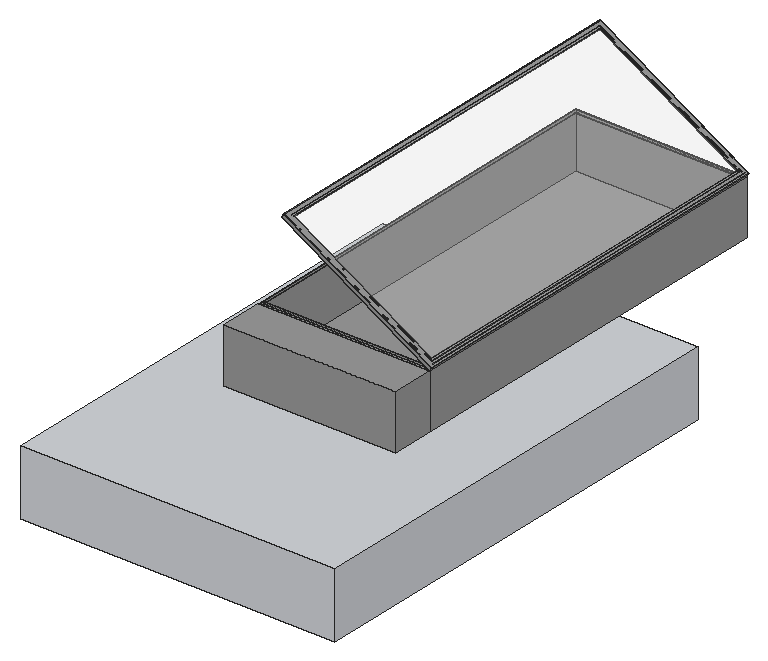
Revit family "Hager-Univers-IP55-D275-H2050-Cl.I-Steel_encl-NL-en", category Equipement électrique, Revit 2020
Family settings
  Hôte = Face
  Configuration du panneau = Deux colonnes, circuits au sein
  Cote de connecteur circulaire = Utiliser le diamètre
  Type d'élément = Tableau de raccordement
  Couper avec des vides une fois chargée = Non
  Partagée = Non
  Point de calcul de pièce = Non
Parameters (values of type "Floor installation IP55 W800 H2050 D275  - FR23K2")
  Width Control [instance] = if([EF000008 - Width] > Min Width, [EF000008 - Width], Min Width)  # 800 mm
  Commentaires du type = [HG000003 - Range]  # "Univers"
  Thickness Door [instance] = if([EF009171 - Material plate thickness door/cover] > 3 mm, 3 mm, [EF009171 - Material plate thickness door/cover])  # 1.5 mm
  Seal Frame Offset [instance] = 17 mm  # constant formula
  Plinth Visibility [instance] = [HG000027 - Plinth height] > 0 mm  # yes
  Model = ""
  Min Width [instance] = 100 mm  # constant formula
  Min Height [instance] = 100 mm  # constant formula
  Min Depth [instance] = (2 * [EF009170 - Material plate thickness cabinet]) + 1 mm  # 4 mm
  Internal Frame Depth [instance] = (Door System Depth * 0.5)  # 9 mm
  Height Control [instance] = if([EF000040 - Height] > Min Height, [EF000040 - Height], Min Height)  # 2050 mm
  HG000027 - Plinth height = 200 mm
  HG000026 - Floor standing = yes
  HG000024 - Bottom section height = 800 mm
  HG000023 - Double section enclosure = no
  HG000016 - Door 3d visibility [instance] = yes
  HG000015 - Clearance visibility [instance] = no
  HG000014 - Door on the right [instance] = yes
  HG000013 - Door on the left [instance] = not([HG000014 - Door on the right])  # no
  HG000012 - Door swing angle [instance] = 30.00°
  HG000010 - Asymmetric doors = no
  HG000009 - Double swing door = no
  HG000006 - Flush mounted = no
  HG000004 - Manufacturer reference = "FR23K2"
  HG000003 - Range = "Univers"
  HG000002 - With door or cover = yes
  Frame Offset Bottom [instance] = 10 mm  # constant formula
  Frame Offset [instance] = 15 mm  # constant formula
  EF015940 - Cover with overpressure release = no
  EF011959 - Degree of protection (NEMA) = ""
  EF009554 - Number of openings for flange plates = 6
  EF009212 - Cover model = "EV000116 - Closed"
  EF009171 - Material plate thickness door/cover = 1.5 mm
  EF009170 - Material plate thickness cabinet = 1.5 mm
  Fabricant = "Hager"  # constant formula
  EF008873 - Nominal current (In) = 800 A
  EF007800 - Suitable for lightning protection = no
  EF006306 - With lock = no
  EF006244 - Transparent cover/door = yes
  EF005474 - Degree of protection (IP) = "EV006420 - IP55"
  EF004464 - Type of door = "EV002646 - Single"
  EF004427 - Number of modules = 432
  EF004293 - Impact strength = "EV008784 - IK10"
  EF003532 - Suitable for outdoor use = no
  EF002950 - Width in number of modular spacings = 24
  EF001613 - Circuit integrity = "EV000494 - None"
  EF001596 - Material housing = "EV000179 - Steel"
  EF001131 - Internal depth = 275 mm
  EF001088 - Extension possible = yes
  EF000437 - Number of conduit inlets = 6
  EF000339 - Type of cover = "EV004216 - Door"
  EF000266 - Number of rows = 12
  EF000218 - Built-in depth = 0 mm
  EF000118 - With mounting plate = no
  EF000116 - RAL-number = "7035"
  EF000049 - Depth = 275 mm
  EF000040 - Height = 2050 mm
  EF000008 - Width = 800 mm
  EF000007 - Colour = "EV000270 - Grey"
  EF000003 - Mounting method = "EV012274 - Floor installation"
  Door System Leaf Tolerance [instance] = 1.5 mm  # constant formula
  Door System Depth [instance] = 18 mm  # constant formula
  Door Height [instance] = Height Control - [HG000027 - Plinth height]  # 1850 mm
  Depth Control [instance] = if([EF000049 - Depth] > Min Depth, [EF000049 - Depth], Min Depth)  # 275 mm
  Default Elevation = 0 mm
  Connector Offset [instance] = Height Control / 2  # 1025 mm
  Bottom Top Plate Trim [instance] = 1.5 mm  # constant formula
  Plinth height Ctrl [instance] = if([HG000027 - Plinth height] > 0 mm, [HG000027 - Plinth height], 12 mm)  # 200 mm
Types (11, lengths in mm): name | Width Control | HG000010 - Asymmetric doors | HG000009 - Double swing door | HG000004 - Manufacturer reference | EF009554 - Number of openings for flange plates | EF006244 - Transparent cover/door | EF004464 - Type of door | EF004427 - Number of modules | EF000437 - Number of conduit inlets | EF000008 - Width
  Floor installation IP55 W1050 H2050 D275  - FR24E2 | 1050 | yes | yes | "FR24E2" | 8 | no | "EV003602 - Double" | 576 | 8 | 1050
  Floor installation IP55 W1050 H2050 D275  - FR24K2 | 1050 | yes | yes | "FR24K2" | 8 | yes | "EV003602 - Double" | 576 | 8 | 1050
  Floor installation IP55 W1300 H2050 D275  - FR25E2 | 1300 | yes | yes | "FR25E2" | 10 | no | "EV003602 - Double" | 720 | 10 | 1300
  Floor installation IP55 W1300 H2050 D275  - FR25K2 | 1300 | yes | yes | "FR25K2" | 10 | yes | "EV003602 - Double" | 720 | 10 | 1300
  Floor installation IP55 W1550 H2050 D275  - FR26E2 | 1550 | yes | yes | "FR26E2" | 12 | no | "EV003602 - Double" | 864 | 12 | 1550
  Floor installation IP55 W1550 H2050 D275  - FR26K2 | 1550 | yes | yes | "FR26K2" | 12 | yes | "EV003602 - Double" | 864 | 12 | 1550
  Floor installation IP55 W300 H2050 D275  - FR21E2 | 300 | no | no | "FR21E2" | 2 | no | "EV002646 - Single" | 144 | 2 | 300
  Floor installation IP55 W550 H2050 D275  - FR22E2 | 550 | no | no | "FR22E2" | 4 | no | "EV002646 - Single" | 288 | 4 | 550
  Floor installation IP55 W550 H2050 D275  - FR22K2 | 550 | no | no | "FR22K2" | 4 | yes | "EV002646 - Single" | 288 | 4 | 550
  Floor installation IP55 W800 H2050 D275  - FR23E2 | 800 | no | no | "FR23E2" | 6 | no | "EV002646 - Single" | 432 | 6 | 800
  Floor installation IP55 W800 H2050 D275  - FR23K2 | 800 | no | no | "FR23K2" | 6 | yes | "EV002646 - Single" | 432 | 6 | 800
Reference planes
  plane 1 "Center (Front/Back)": y = 0
  plane 2: z = 0
  plane 3 "Center (Left/Right)": x = 0
  plane 4: z = 275
  plane 5: y = 201.5
  plane 6: y = 1125
  plane 7: y = 200
  plane 8: y = 2050
  plane 9: z = 0
  plane 10: x = -385
  plane 11: x = 385
  plane 12: x = 383.5
  plane 13: x = -383.5
  plane 14: y = 2048.5
  plane 15: x = -383
  plane 16: x = -400
  plane 17: x = 383
  plane 18: x = 400
  plane 19: x = 398.5
  plane 20: x = -398.5
  plane 21: y = 211.5
  plane 22: y = 2050
  plane 23: y = 2033.5
  plane 24: z = 257
  plane 25: z = 1.5
  plane 26: z = 255.5
  plane 27: z = 273.5
Forms (mm)
  Extrusion 1, solid
    sketch origin (0, 0, 0) x (1, 0, 0) y (0, 1, 0)
      loop
        line (-702.964, 1305) -> (-702.964, -811.445) -> (766.763, -811.445) -> (766.763, 1305) -> (-702.964, 1305)
    from 0 to -304.8
  Extrusion 2, solid, material "Hager_Steel_RAL7035_Light_Grey", visible <- "Plinth Visibility", detail levels medium+fine
    sketch origin (0, 0, 0) x (1, 0, 0) y (0, 1, 0)
      loop
        line (-400, 0) -> (400, 0) -> (400, 200) -> (-400, 200) -> (-400, 0)
    from 0 to 257
  Extrusion 3, solid, material "Hager_Steel_RAL7035_Light_Grey", detail levels medium+fine
    sketch origin (0, 0, 0) x (1, 0, 0) y (0, 1, 0)
      loop
        line (-400, 200) -> (400, 200) -> (400, 2050) -> (-400, 2050) -> (-400, 200)
    from 0 to 257
  Extrusion 4, void
    sketch origin (0, 0, 0) x (1, 0, 0) y (0, 1, 0)
      loop
        line (-398.5, 201.5) -> (398.5, 201.5) -> (398.5, 2048.5) -> (-398.5, 2048.5) -> (-398.5, 201.5)
    from 1.5 to 255.5
  Extrusion 5, void
    sketch origin (-381.607, -4572, 257) x (0, -1, 0) y (-1, 0, 0)
      loop
        line (-4783.5, 1.893) -> (-6605.5, 1.893) -> (-6605.5, -765.107) -> (-4783.5, -765.107) -> (-4783.5, 1.893)
    from 0 to 1.5 <- "EF009170 - Material plate thickness cabinet"
  Extrusion 6, solid, material "Hager_Steel_RAL7035_Light_Grey", detail levels fine
    sketch origin (0, 0, 257) x (1, 0, 0) y (0, 1, 0)
      loop
        line (-383.5, 2033.5) -> (-383.5, 211.5) -> (383.5, 211.5) -> (383.5, 2033.5) -> (-383.5, 2033.5)
      loop
        line (-385, 210) -> (385, 210) -> (385, 2035) -> (-385, 2035) -> (-385, 210)
    from 0 to 9 <- "Internal Frame Depth"
  Extrusion 7, solid, material "Hager_Steel_RAL7035_Light_Grey", detail levels coarse
    sketch origin (0, 0, 0) x (1, 0, 0) y (0, 1, 0)
      loop
        line (-400, 0) -> (400, 0) -> (400, 2050) -> (-400, 2050) -> (-400, 0)
    from 0 to 275
  Sweep 8, void
    path in 3D
      loop
        line (-400, 200, 0) -> (400, 200, 0) -> (400, 200, 257) -> (-400, 200, 257) -> (-400, 200, 0)
    profile origin (-400, 200, 128.5) x (-1, 0, 0) y (0, -1, 0)
      loop
        line (0, 0) -> (0, 1.5) -> (-1.5, 1.5)
        arc (-1.5, 1.5) -> (-1.061, 0.439) -> (0, 0) r 1.5
Cuts and joins
  Extrusion 4, Extrusion 5 cuts Extrusion 3
  Sweep 8 cuts Extrusion 2
Lines and regions (mm)
  Masking region 1
    outline origin (0, 0, 0) x (1, 0, 0) y (0, 0, 1)
      loop
        line (-400, 275) -> (-400, 0) -> (400, 0) -> (400, 275) -> (-400, 275)
  Masking region 2, detail levels medium+fine
    outline origin (0, 140, 0) x (0, 1, 0) y (0, 0, 1)
      loop
        line (60, 0) -> (1910, 0) -> (1910, 257) -> (60, 257) -> (60, 0)
  Masking region 3, not visible, detail levels medium+fine
    outline origin (0, 297.922, 0) x (0, 1, 0) y (0, 0, 1)
      loop
        line (838.578, 0) -> (878.578, 0) -> (878.578, 263.5)
        arc (878.578, 263.5) -> (875.649, 270.571) -> (868.578, 273.5) r 10
        line (868.578, 273.5) -> (838.578, 273.5) -> (838.578, 0)
  Masking region 4, detail levels coarse
    outline origin (0, 0, 180) x (0, 1, 0) y (0, 0, 1)
      loop
        line (0, -180) -> (2050, -180) -> (2050, 95) -> (0, 95) -> (0, -180)
  Masking region 5, visible <- "Plinth Visibility", detail levels medium+fine
    outline origin (0, 52.24, 12.345) x (0, 0, -1) y (0, 1, 0)
      loop
        line (10.845, 147.76) -> (-243.155, 147.76)
        arc (-243.155, 147.76) -> (-243.594, 146.699) -> (-244.655, 146.26) r 1.5
        line (-244.655, 146.26) -> (-244.655, -52.24) -> (12.345, -52.24) -> (12.345, 146.26)
        arc (12.345, 146.26) -> (11.285, 146.699) -> (10.845, 147.76) r 1.5
  Masking region 6, detail levels medium+fine
    outline origin (-381.607, -4572, 257) x (-1, 0, 0) y (0, -1, 0)
      loop
        line (18.393, -6622) -> (18.393, -4772) -> (-781.607, -4772) -> (-781.607, -6622) -> (18.393, -6622)
  Masking region 7, visible <- "Plinth Visibility", detail levels medium+fine
    outline origin (-381.607, -4727, 257) x (-1, 0, 0) y (0, -1, 0)
      loop
        arc (16.893, -4927) -> (17.332, -4925.939) -> (18.393, -4925.5) r 1.5
        line (18.393, -4925.5) -> (18.393, -4727) -> (-781.607, -4727) -> (-781.607, -4925.5)
        arc (-781.607, -4925.5) -> (-780.546, -4925.939) -> (-780.107, -4927) r 1.5
        line (-780.107, -4927) -> (16.893, -4927)
  Masking region 8, detail levels coarse
    outline origin (-442.548, -4669.526, 257) x (-1, 0, 0) y (0, -1, 0)
      loop
        line (-42.548, -6719.526) -> (-42.548, -4669.526) -> (-842.548, -4669.526) -> (-842.548, -6719.526) -> (-42.548, -6719.526)
  sketch lines
    curve 1: line (-400, 200, 257) -> (-400, 200, 0)
    curve 2: line (400, 200, 257) -> (-400, 200, 257)
    curve 3: line (400, 200, 257) -> (400, 200, 0)
    curve 4: line (-400, 200, 0) -> (400, 200, 0)
Dimensions and locks
  "Depth Control": plane 4 to Extrusion 1
  "HG000027 - Plinth height": plane 1 "Center (Front/Back)" to plane 7
  "EF009170 - Material plate thickness cabinet": plane 5 to plane 7
  locked: connector elem to plane 3 "Center (Left/Right)"
  equal spacing: plane 8, plane 6, plane 7
  locked: connector elem to plane 6
  "EF009170 - Material plate thickness cabinet": plane 8 to plane 14
  "EF009170 - Material plate thickness cabinet": plane 10 to plane 13
  "EF009170 - Material plate thickness cabinet": plane 12 to plane 11
  "Frame Offset": plane 20 to plane 13
  "Frame Offset": plane 12 to plane 19
  "EF009170 - Material plate thickness cabinet": plane 16 to plane 20
  "EF009170 - Material plate thickness cabinet": plane 19 to plane 18
  "Seal Frame Offset": plane 16 to plane 15
  "Seal Frame Offset": plane 17 to plane 18
  "Frame Offset Bottom": plane 21 to plane 5
  "Frame Offset": plane 14 to plane 23
  equal spacing: plane 16, plane 3 "Center (Left/Right)", plane 18
  "Width Control": plane 16 to plane 18
  "EF009170 - Material plate thickness cabinet": plane 4 to plane 27
  "EF009170 - Material plate thickness cabinet": plane 24 to plane 26
  "EF009170 - Material plate thickness cabinet": plane 25 to level
  "Door System Depth": plane 4 to plane 24
  "Height Control": plane 1 "Center (Front/Back)" to Extrusion 7 sketch curve
  "Height Control": Masking region 4 sketch curve to plane 1 "Center (Front/Back)"
  "Height Control": plane 1 "Center (Front/Back)" to plane 22
  "Bottom Top Plate Trim": profile plane to Sweep 8 sketch curve
  "Bottom Top Plate Trim": Sweep 8 sketch curve to profile plane
  "Plinth height Ctrl": plane 1 "Center (Front/Back)" to Extrusion 2 sketch curve
  "Plinth height Ctrl": Masking region 5 sketch curve to plane 1 "Center (Front/Back)"
  "Plinth height Ctrl": plane 1 "Center (Front/Back)" to Masking region 7 sketch curve
  "Thickness Door": Extrusion 6 sketch curve to Extrusion 6 sketch curve  (x3)
  "Thickness Door": cut or joined group of Extrusion 3, Extrusion 4, Extrusion 5 to Extrusion 6 sketch curve
  radius of Masking region 3 sketch curve = 10 mm
  "Bottom Top Plate Trim": radius of Masking region 5 sketch curve  (x2)
  "Bottom Top Plate Trim": radius of Sweep 8 sketch curve
  "Bottom Top Plate Trim": radius of Masking region 7 sketch curve  (x2)
  aligned and locked: plane 2 to Extrusion 1
  aligned and locked: level to Extrusion 1
  aligned and locked: level to Masking region 1 sketch curve
  aligned and locked: Masking region 1 sketch curve to plane 18
  aligned and locked: Masking region 1 sketch curve to plane 16
  aligned and locked: plane 7 to Masking region 2 sketch curve
  aligned and locked: level to Masking region 3 sketch curve
  aligned and locked: Masking region 3 sketch curve to plane 27
  aligned and locked: level to Masking region 2 sketch curve
  aligned and locked: plane 1 "Center (Front/Back)" to Extrusion 2 sketch curve
  aligned and locked: Extrusion 3 sketch curve to plane 7
  aligned and locked: plane 16 to Extrusion 3 sketch curve
  aligned and locked: plane 18 to Extrusion 3 sketch curve
  aligned and locked: plane 20 to Extrusion 4 sketch curve
  aligned and locked: plane 19 to Extrusion 4 sketch curve
  aligned and locked: Extrusion 4 sketch curve to plane 5
  aligned and locked: Extrusion 4 to plane 25
  aligned and locked: plane 26 to Extrusion 4
  aligned and locked: plane 24 to Extrusion 3
  aligned and locked: Extrusion 5 sketch curve to plane 21
  aligned and locked: Extrusion 5 sketch curve to plane 13
  aligned and locked: Extrusion 5 sketch curve to plane 12
  aligned and locked: plane 18 to Extrusion 7 sketch curve
  aligned and locked: plane 1 "Center (Front/Back)" to Extrusion 7 sketch curve
  aligned and locked: plane 16 to Extrusion 7 sketch curve
  aligned and locked: plane 4 to Extrusion 7
  aligned and locked: Extrusion 7 to level
  aligned and locked: level to Masking region 4 sketch curve
  aligned and locked: Masking region 4 sketch curve to plane 1 "Center (Front/Back)"
  aligned and locked: Masking region 4 sketch curve to plane 4
  aligned and locked: nested 1 to level
  aligned and locked: nested 1 to plane 16
  aligned and locked: plane 8 to Extrusion 3 sketch curve
  aligned and locked: plane 23 to Extrusion 5 sketch curve
  aligned and locked: plane 14 to Extrusion 4 sketch curve
  aligned and locked: Masking region 2 sketch curve to plane 8
  aligned and locked: level to Masking region 5 sketch curve
  aligned and locked: plane 16 to Extrusion 2 sketch curve
  aligned and locked: plane 18 to Extrusion 2 sketch curve
  aligned and locked: Masking region 5 sketch curve to plane 24
  aligned and locked: Masking region 2 sketch curve to plane 24
  aligned and locked: plane 24 to Extrusion 2
  aligned and locked: profile plane to Sweep 8 sketch curve  (x2)
  aligned and locked: Masking region 6 sketch curve to plane 18
  aligned and locked: Masking region 6 sketch curve to plane 22
  aligned and locked: Masking region 6 sketch curve to plane 16
  aligned and locked: plane 8 to plane 22
  aligned and locked: Masking region 6 sketch curve to plane 7
  aligned and locked: Masking region 7 sketch curve to plane 16
  aligned and locked: Masking region 7 sketch curve to plane 1 "Center (Front/Back)"
  aligned and locked: Masking region 7 sketch curve to plane 18
  aligned and locked: Masking region 8 sketch curve to plane 1 "Center (Front/Back)"
  aligned and locked: Masking region 8 sketch curve to plane 18
  aligned and locked: Masking region 8 sketch curve to plane 22
  aligned and locked: Masking region 8 sketch curve to plane 16
  aligned and locked: nested 2 to plane 7
  aligned and locked: plane 3 "Center (Left/Right)" to nested 2
  aligned and locked: nested 2 to plane 24
  aligned and locked: Extrusion 6 sketch curve to cut or joined group of Extrusion 3, Extrusion 4, Extrusion 5  (x4)
Automatic sketch dimensions
  Extrusion 1 sketch curve to Extrusion 1 sketch curve = 1469.727 mm
  Extrusion 1 sketch curve to Extrusion 1 sketch curve = 2116.445 mm
  Masking region 1 sketch curve to plane 4 = 0 mm
  plane 6 to Masking region 3 sketch curve = 11.5 mm
  Masking region 3 sketch curve to Masking region 3 sketch curve = 30 mm
  Masking region 5 sketch curve to plane 1 "Center (Front/Back)" = 0 mm
Nested families
  nested 1: "Hager_Enclosure_Symbol" at (-400, 0, 0) x (1, 0, 0) z (0, -1, 0), Height <- "Depth Control", Width <- "Width Control", type "Hager_Enclosure_Symbol"
    with Width_Ctrl 800 mm, Width 800 mm, Height_Ctrl 275 mm, Height 275 mm, A_Width_Int 18.047 mm, A_Width 216.562 mm, A_Height_Ctrl 240.625 mm, A_Height 240.625 mm
  nested 2: "EC000058_Univers_Door" at (0, 200, 257) x (1, 0, 0) z (0, 1, 0), Leaf_Tolerance <- "Door System Leaf Tolerance", Angle <- "HG000012 - Door swing angle", Door_Depth <- "Door System Depth", Door_Left <- "HG000013 - Door on the left", Transparent <- "EF006244 - Transparent cover/door", Assymetrical <- "HG000010 - Asymmetric doors", Width <- "Width Control", Clearance <- "HG000015 - Clearance visibility", Double <- "HG000009 - Double swing door", 3d_Door <- "HG000016 - Door 3d visibility", Lock_Visibility <- "EF006306 - With lock", Width_Ctrl <- "Width Control", Door_Right <- "HG000014 - Door on the right", Door <- "HG000002 - With door or cover", Height <- "Door Height", Thickness <- "Thickness Door", type "EC000058_Univers_Door", detail levels medium+fine
    with min_wh 4 mm, Width_Ctrl 800 mm, Width 800 mm, Transparent yes, Thickness 1.5 mm, Seal_Material Hager_Rubber, Lock_Visibility no, Lock_Material Hager_Plastic_RAL9005_Jet_Black, Leaf_Width 800 mm, Leaf_Tolerance_External_Sides 0 mm, Leaf_Tolerance 1.5 mm, Leaf_Offset 0 mm, Leaf_Height 1847 mm, Leaf_2_Width 800 mm, Leaf_2_Offset 400 mm, Leaf_1_Width 800 mm, Leaf_1_Offset 400 mm, Height_Ctrl 1850 mm, Height 1850 mm, Glass_Material Hager_Glass, Double_Clearance_Ctrl no, Double no, Door_Right_Ctrl yes, Door_Right yes, Door_Material Hager_Steel_RAL7035_Light_Grey, Door_Left_Ctrl no, Door_Left no, Door_Depth 18 mm, Door yes, Clearance_Material Hager_Clearance, Clearance_Depth 800 mm, Clearance_Ctrl no, Clearance no, Assymetrical no, Angle 30.00°, 3d_Door yes
Connectors
  electrical at (0, 1125, 0)
    settings: on plane 9, index 1, voltage 0 V, apparent load 0 VA, apparent load phase1 0 VA, apparent load phase2 0 VA, apparent load phase3 0 VA, power factor 1, load classification "Other", number of poles 1, system type 30, power factor state 1, is connector primary yes, connector utility no, sub classification motor no, connector description ""
Definition of nested family "EC000058_Univers_Door"
  Parameters (values of type "EC000058_Univers_Door")
    min_wh [instance] = (2 * Thickness) + 1 mm  # 11 mm
    Width_Ctrl [instance] = 400 mm
    Width [instance] = 500 mm
    Transparent [instance] = yes
    Thickness [instance] = 5 mm
    Seal_Material [instance] = none
    Lock_Visibility [instance] = yes
    Lock_Material [instance] = none
    Leaf_Width [instance] = if((Width_Ctrl - 2 * Leaf_Tolerance_External_Sides) > 0 mm, (Width_Ctrl - 2 * Leaf_Tolerance_External_Sides), min_wh)  # 400 mm
    Leaf_Tolerance_External_Sides [instance] = 0 mm  # constant formula
    Leaf_Tolerance [instance] = 1.5 mm
    Leaf_Offset [instance] = 0 mm  # constant formula
    Leaf_Height [instance] = if((Height_Ctrl - 2 * Leaf_Tolerance) > 0 mm, (Height_Ctrl - 2 * Leaf_Tolerance), min_wh)  # 497 mm
    Leaf_2_Width [instance] = if(and(and(Double, Assymetrical), Door_Left), (Leaf_Width / 3) - (Leaf_Tolerance / 2), if(and(and(Double, Assymetrical), Door_Right), (Leaf_Width / 3) * 2 - (Leaf_Tolerance / 2), if(and(Double, not(Assymetrical)), (Leaf_Width / 2) - Leaf_Tolerance, Leaf_Width)))  # 400 mm
    Leaf_2_Offset [instance] = if(and(Double, Assymetrical), Leaf_2_Width / 2, if(and(Double, not(Assymetrical)), Leaf_Width / 4, Leaf_Width / 2))  # 200 mm
    Leaf_1_Width [instance] = if(and(and(Double, Assymetrical), Door_Right), (Leaf_Width / 3) - (Leaf_Tolerance / 2), if(and(and(Double, Assymetrical), Door_Left), (Width / 3) * 2 - (Leaf_Tolerance / 2), if(and(Double, not(Assymetrical)), (Leaf_Width / 2) - Leaf_Tolerance, Leaf_Width)))  # 400 mm
    Leaf_1_Offset [instance] = if(and(Double, Assymetrical), Leaf_1_Width / 2, if(and(Double, not(Assymetrical)), Leaf_Width / 4, Leaf_Width / 2))  # 200 mm
    Height_Ctrl [instance] = if(Height > min_wh, Height, min_wh)  # 500 mm
    Height [instance] = 500 mm
    Glass_Material [instance] = none
    Double_Clearance_Ctrl [instance] = and(Double, Clearance)  # no
    Double [instance] = no
    Door_Right_Ctrl [instance] = and(or(Door_Right, Double), Door)  # yes
    Door_Right [instance] = yes
    Door_Material [instance] = none
    Door_Left_Ctrl [instance] = and(or(Door_Left, Double), Door)  # no
    Door_Left [instance] = no
    Door_Depth [instance] = 30 mm
    Door [instance] = yes
    Default Elevation = 1219.2 mm
    Clearance_Material [instance] = none
    Clearance_Depth [instance] = if(Leaf_1_Width > Leaf_2_Width, Leaf_1_Width, Leaf_2_Width)  # 400 mm
    Clearance_Ctrl [instance] = and(not(Double), Clearance)  # yes
    Clearance [instance] = yes
    Assymetrical [instance] = yes
    Angle [instance] = 30.00°
    3d_Door [instance] = yes
  Reference planes
    plane 1 "Center (Front/Back)": y = 0
    plane 2 "Bottom": z = 0
    plane 3 "Center (Left/Right)": x = 0
    plane 4: z = 500
    plane 5: x = -200
    plane 6: x = 200
    plane 7: z = 500
    plane 8: x = -200
    plane 9: z = 0
    plane 10: x = 200
    plane 11: y = 0
    plane 12: z = 1.5
    plane 13: x = -600
    plane 14: y = -400
    plane 15: x = 600
    plane 16: x = 0
    plane 17: x = 0
    plane 18: x = -200
    plane 19: x = 200
    plane 20: z = 498.5
  Forms (mm)
    Extrusion 1, solid, material <- "Clearance_Material", visible <- "Double_Clearance_Ctrl"
      sketch origin (1200, 0, 0) x (1, 0, 0) y (0, 0, -1)
        loop
          line (-1800, -498.5) -> (-600, -498.5) -> (-600, 0) -> (-1800, 0) -> (-1800, -498.5)
      from 0 to -400
  Dimensions and locks
    equal spacing: plane 5, plane 3 "Center (Left/Right)", plane 6
    "Width_Ctrl": plane 5 to plane 6
    "Leaf_Offset": plane 5 to plane 8
    "Leaf_Offset": plane 6 to plane 10
    "Leaf_Offset": plane 9 to level
    "Leaf_Offset": plane 4 to plane 7
    "Height_Ctrl": plane 4 to level
    "Leaf_Tolerance": plane 12 to plane 9
    locked: plane 11 to plane 1 "Center (Front/Back)"
    "Leaf_1_Offset": plane 18 to plane 16
    "Leaf_2_Offset": plane 17 to plane 19
    "Leaf_1_Width": plane 13 to plane 8
    "Leaf_2_Width": plane 10 to plane 15
    "Clearance_Depth": plane 14 to plane 1 "Center (Front/Back)"
    "Leaf_Tolerance_External_Sides": plane 8 to plane 18
    "Leaf_Tolerance_External_Sides": plane 19 to plane 10
    "Leaf_Tolerance": plane 7 to plane 20
    aligned and locked: level to plane 2 "Bottom"
    aligned and locked: nested 1 to plane 16
    aligned and locked: nested 2 to plane 17
    aligned and locked: Extrusion 1 to plane 13
    aligned and locked: plane 15 to Extrusion 1
    aligned and locked: Extrusion 1 to plane 14
    aligned and locked: plane 12 to nested 1
    aligned and locked: nested 2 to plane 12
    aligned and locked: Extrusion 1 to plane 11
    aligned and locked: plane 20 to Extrusion 1
    aligned and locked: nested 2 to plane 11
    aligned and locked: nested 1 to plane 11
  Automatic sketch dimensions
    Extrusion 1 sketch curve to level = 0 mm
    plane 5 to Extrusion 1 sketch curve = 400 mm
    plane 6 to Extrusion 1 sketch curve = 400 mm
    Extrusion 1 sketch curve to plane 4 = 1.5 mm
  Nested families
    nested 1: "EC000058_Univers_Door_Leaf" at (0, 0, 1.5), Width <- "Leaf_1_Width", visible <- "Door_Left_Ctrl", Leaf_Height <- "Leaf_Height", Angle <- "Angle", 3d_Door <- "3d_Door", Transparent <- "Transparent", Clearance Material <- "Clearance_Material", Clearance <- "Clearance_Ctrl", Door_Material <- "Door_Material", Glass_Material <- "Glass_Material", Door_Depth <- "Door_Depth", Lock_Material <- "Lock_Material", Seal_Material <- "Seal_Material", Lock_Visibility <- "Lock_Visibility", Thickness <- "Thickness", type "EC000058_Univers_Door_Leaf"
      with Width 400 mm, Transparent_Glass_Offset 30 mm, Transparent_Ctrl yes, Transparent yes, Thickness 5 mm, Standard no, Seal_Material none, Seal_D2 8 mm, Seal_D1 1 mm, Offset_Internal_Frame 10 mm, Lock_Width 20 mm, Lock_Visibility_3d yes, Lock_Visibility yes, Lock_Thickness_3 3 mm, Lock_Thickness_2 1 mm, Lock_Thickness_1 3 mm, Lock_Radius_Offset_2 16 mm, Lock_Radius_Offset_1 15 mm, Lock_Radius_2 5 mm, Lock_Radius 6 mm, Lock_Offset 5 mm, Lock_Material none, Lock_Height 80 mm, Lock_Cover_Top_Offset_2d 17 mm, Lock_Cover_Height -65 mm, Leaf_Height 497 mm, Internal_Seal_Thickness 8 mm, Internal_Seal_Depth_2 4.5 mm, Internal_Frame_Depth 25 mm, Glass_Thickness -1 mm, Glass_Offset -2 mm, Glass_Material none, Door_Material none, Door_Depth 30 mm, Clearance Material none, Clearance yes, Angle_Ctrl 30.00°, Angle 30.00°, 3d_Door yes
    nested 2: "EC000058_Univers_Door_Leaf" at (0, 0, 1.5) x (-1, 0, 0) z (0, 0, 1), Width <- "Leaf_2_Width", visible <- "Door_Right_Ctrl", Leaf_Height <- "Leaf_Height", Angle <- "Angle", 3d_Door <- "3d_Door", Transparent <- "Transparent", Clearance Material <- "Clearance_Material", Clearance <- "Clearance_Ctrl", Door_Material <- "Door_Material", Glass_Material <- "Glass_Material", Door_Depth <- "Door_Depth", Lock_Material <- "Lock_Material", Seal_Material <- "Seal_Material", Lock_Visibility <- "Lock_Visibility", Thickness <- "Thickness", type "EC000058_Univers_Door_Leaf"
      with Width 400 mm, Transparent_Glass_Offset 30 mm, Transparent_Ctrl yes, Transparent yes, Thickness 5 mm, Standard no, Seal_Material none, Seal_D2 8 mm, Seal_D1 1 mm, Offset_Internal_Frame 10 mm, Lock_Width 20 mm, Lock_Visibility_3d yes, Lock_Visibility yes, Lock_Thickness_3 3 mm, Lock_Thickness_2 1 mm, Lock_Thickness_1 3 mm, Lock_Radius_Offset_2 16 mm, Lock_Radius_Offset_1 15 mm, Lock_Radius_2 5 mm, Lock_Radius 6 mm, Lock_Offset 5 mm, Lock_Material none, Lock_Height 80 mm, Lock_Cover_Top_Offset_2d 17 mm, Lock_Cover_Height -65 mm, Leaf_Height 497 mm, Internal_Seal_Thickness 8 mm, Internal_Seal_Depth_2 4.5 mm, Internal_Frame_Depth 25 mm, Glass_Thickness -1 mm, Glass_Offset -2 mm, Glass_Material none, Door_Material none, Door_Depth 30 mm, Clearance Material none, Clearance yes, Angle_Ctrl 30.00°, Angle 30.00°, 3d_Door yes
  Definition of nested family "EC000058_Univers_Door_Leaf"
    Parameters (values of type "EC000058_Univers_Door_Leaf")
      Width [instance] = 2000 mm
      Transparent_Glass_Offset [instance] = 30 mm
      Transparent_Ctrl [instance] = and(Transparent, [3d_Door])  # yes
      Transparent [instance] = yes
      Thickness [instance] = 5 mm
      Standard [instance] = and(not(Transparent), [3d_Door])  # no
      Seal_Material [instance] = none
      Seal_D2 [instance] = 8 mm  # constant formula
      Seal_D1 [instance] = 1 mm  # constant formula
      Offset_Internal_Frame [instance] = 10 mm  # constant formula
      Lock_Width [instance] = 20 mm  # constant formula
      Lock_Visibility_3d [instance] = and(Lock_Visibility, [3d_Door])  # yes
      Lock_Visibility [instance] = yes
      Lock_Thickness_3 [instance] = 3 mm  # constant formula
      Lock_Thickness_2 [instance] = 1 mm  # constant formula
      Lock_Thickness_1 [instance] = 3 mm  # constant formula
      Lock_Radius_Offset_2 [instance] = Lock_Radius_Offset_1 + 1 mm  # 16 mm
      Lock_Radius_Offset_1 [instance] = 15 mm  # constant formula
      Lock_Radius_2 [instance] = Lock_Radius - 1 mm  # 5 mm
      Lock_Radius [instance] = 6 mm  # constant formula
      Lock_Offset [instance] = 5 mm  # constant formula
      Lock_Material [instance] = none
      Lock_Height [instance] = 80 mm  # constant formula
      Lock_Cover_Top_Offset_2d [instance] = Lock_Radius_Offset_2 + 1 mm  # 17 mm
      Lock_Cover_Height [instance] = -(Lock_Height - Lock_Radius_Offset_1)  # -65 mm
      Leaf_Height [instance] = 2720.336 mm
      Internal_Seal_Thickness [instance] = 8 mm  # constant formula
      Internal_Seal_Depth_2 [instance] = 4.5 mm  # constant formula
      Internal_Frame_Depth [instance] = if(Door_Depth - Thickness > 5 mm, Door_Depth - Thickness, 5 mm)  # 25 mm
      Glass_Thickness [instance] = if(Thickness > 15 mm, Glass_Offset + 10 mm, -1 mm)  # -1 mm
      Glass_Offset [instance] = if(Thickness > 15 mm, -(Thickness + 10 mm) / 2, -2 mm)  # -2 mm
      Glass_Material [instance] = none
      Door_Material [instance] = none
      Door_Depth [instance] = 30 mm
      Default Elevation = 0 mm
      Clearance Material [instance] = none
      Clearance [instance] = yes
      Angle_Ctrl [instance] = if(Angle > 180.00°, 180.00°, Angle)  # 90.00°
      Angle [instance] = 90.00°
      3d_Door [instance] = yes
    Reference planes
      plane 1 "Center (Front/Back)": y = 0
      plane 2: z = 0
      plane 3 "Center (Left/Right)": x = 0
      plane 4: y = 2000
      plane 5: x = -1000
      plane 6: x = 1000
      plane 7: x = -3000
      plane 8: z = 2720.336
      plane 9: z = 30
      plane 10: z = 2690.336
      plane 11: x = 970
      plane 12: x = -970
      plane 13: y = -3
      plane 14: z = 107.833
      plane 15: y = -5
      plane 16: y = -223.314
      plane 17: x = -1000
      plane 18: z = 1360.168
      plane 19: y = 30
    Forms (mm)
      Extrusion 1, solid, material <- "Clearance Material", visible <- "Clearance"
        sketch origin (0, 0, 0) x (1, 0, 0) y (0, 0, 1)
          loop
            line (-3000, 2720.336) -> (-3000, 0) -> (1000, 0) -> (1000, 2720.336) -> (-3000, 2720.336)
        from 0 to -2000
      Extrusion 2, solid, material <- "Door_Material", visible <- "Standard", detail levels medium+fine
        sketch origin (-1000, 0, 0) x (0, 1, 0) y (-1, 0, 0)
          loop
            line (0, 30) -> (0, 25) -> (2000, 25) -> (2000, 30) -> (0, 30)
        from 0 to 2720.336 <- "Leaf_Height"
      Extrusion 3, solid, material <- "Door_Material", visible <- "Transparent_Ctrl", detail levels medium+fine
        sketch origin (-1000, 0, 0) x (0, 1, 0) y (-1, 0, 0)
          loop
            line (0, 25) -> (2000, 25) -> (2000, 30) -> (0, 30) -> (0, 25)
        from 0 to 2720.336 <- "Leaf_Height"
      Extrusion 4, void
        sketch origin (-1025, 2000, 0) x (0, 1, 0) y (0, 0, -1)
          loop
            line (-30, -2690.336) -> (-30, -30) -> (-1970, -30) -> (-1970, -2690.336) -> (-30, -2690.336)
        from 0 to 5 <- "Thickness"
      Sweep 5, solid, material <- "Seal_Material", visible <- "Transparent_Ctrl", detail levels fine
        path in 3D
          loop
            line (-1025, 30, 30) -> (-1025, 30, 2690.336) -> (-1025, 1970, 2690.336) -> (-1025, 1970, 30) -> (-1025, 30, 30)
        profile origin (-1025, 1000, 30) x (1, 0, 0) y (0, 0, 1)
          loop
            line (0, 0) -> (0, -8) -> (1, -8) -> (1, 0) -> (0, 0)
      Extrusion 6, solid, material <- "Glass_Material", visible <- "Transparent_Ctrl", detail levels medium+fine
        sketch origin (-1030, 0, 0) x (0, 1, 0) y (0, 0, -1)
          loop
            line (1970, -2690.336) -> (1970, -30) -> (30, -30) -> (30, -2690.336) -> (1970, -2690.336)
        from -2 <- "Glass_Offset" to -1 <- "Glass_Thickness"
      Extrusion 7, solid, material <- "Door_Material", visible <- "3d_Door", detail levels medium+fine
        sketch origin (-1025, 2000, 0) x (0, -1, 0) y (0, 0, -1)
          loop
            line (0, -2720.336) -> (2000, -2720.336) -> (2000, 0) -> (0, 0) -> (0, -2720.336)
          loop
            line (1995, -5) -> (5, -5) -> (5, -2715.336) -> (1995, -2715.336) -> (1995, -5)
        from 0 to 25 <- "Internal_Frame_Depth"
      Sweep 8, solid, material <- "Seal_Material", visible <- "Transparent_Ctrl", detail levels fine
        path in 3D
          loop
            line (-1025, 0, 0) -> (-1025, 2000, 0) -> (-1025, 2000, 2720.336) -> (-1025, 0, 2720.336) -> (-1025, 0, 0)
        profile origin (-1025, 0, 1360.168) x (1, 0, 0) y (0, 1, 0)
          loop
            line (0, 10) -> (2.975, 10)
            arc (2.975, 10) -> (4.053, 10.447) -> (4.5, 11.525) r 1.525
            line (4.5, 11.525) -> (4.5, 16.527)
            arc (4.5, 16.527) -> (4.069, 17.569) -> (3.027, 18) r 1.473
            line (3.027, 18) -> (0, 18) -> (0, 10)
      Extrusion 9, solid, material <- "Lock_Material", visible <- "Lock_Visibility_3d", detail levels fine
        sketch origin (-1030, 0, 0) x (0, 1, 0) y (0, 0, -1)
          loop
            arc (1993.5, -1400.168) -> (1994.561, -1399.729) -> (1995, -1398.668) r 1.5
            line (1995, -1398.668) -> (1995, -1320.168) -> (1975, -1320.168) -> (1975, -1398.668)
            arc (1975, -1398.668) -> (1975.439, -1399.729) -> (1976.5, -1400.168) r 1.5
            line (1976.5, -1400.168) -> (1993.5, -1400.168)
        from 3 <- "Lock_Thickness_1" to 0
      Blend 10, solid, material <- "Lock_Material", visible <- "Lock_Visibility_3d", detail levels fine
        base sketch origin (-1033, 0, 0) x (0, 1, 0) y (0, 0, -1)
          loop
            line (1975, -1320.168) -> (1975, -1398.668)
            arc (1975, -1398.668) -> (1975.439, -1399.729) -> (1976.5, -1400.168) r 1.5
            line (1976.5, -1400.168) -> (1993.5, -1400.168)
            arc (1993.5, -1400.168) -> (1994.561, -1399.729) -> (1995, -1398.668) r 1.5
            line (1995, -1398.668) -> (1995, -1320.168) -> (1975, -1320.168)
        top sketch origin (-1033, 0, 0) x (0, 1, 0) y (0, 0, -1)
          loop
            line (1976, -1320.168) -> (1976, -1398.668)
            arc (1976, -1398.668) -> (1976.146, -1399.022) -> (1976.5, -1399.168) r 0.5
            line (1976.5, -1399.168) -> (1993.5, -1399.168)
            arc (1993.5, -1399.168) -> (1993.854, -1399.022) -> (1994, -1398.668) r 0.5
            line (1994, -1398.668) -> (1994, -1320.168) -> (1976, -1320.168)
        from 0 to 1 <- "Lock_Thickness_2"
      Blend 11, solid, material <- "Lock_Material", visible <- "Lock_Visibility_3d", detail levels fine
        base sketch origin (-1034, 0, 0) x (0, 1, 0) y (0, 0, -1)
          loop
            line (1978, -1320.168) -> (1978, -1384.168)
            arc (1978, -1384.168) -> (1985, -1391.168) -> (1992, -1384.168) r 7
            line (1992, -1384.168) -> (1992, -1320.168) -> (1978, -1320.168)
        top sketch origin (-1034, 0, 0) x (0, 1, 0) y (0, 0, -1)
          loop
            line (1991, -1320.168) -> (1979, -1320.168) -> (1979, -1383.168)
            arc (1979, -1383.168) -> (1985, -1389.168) -> (1991, -1383.168) r 6
            line (1991, -1383.168) -> (1991, -1320.168)
        from 0 to 3 <- "Lock_Thickness_3"
      Extrusion 12, solid, material <- "Lock_Material", visible <- "Lock_Visibility_3d", detail levels fine
        sketch origin (-1030, 1975, 1320.168) x (1, 0, 0) y (0, -1, 0)
          loop
            line (-7, -19) -> (-7, -1) -> (0, -1) -> (0, 0) -> (-8, 0) -> (-8, -20) -> (0, -20) -> (0, -19) -> (-7, -19)
        from 0 to -65 <- "Lock_Cover_Height"
      Extrusion 13, void
        sketch origin (-1038, 1995, 1320.168) x (-1, 0, 0) y (0, 0, -1)
          loop
            line (-5, -65) -> (0, -65) -> (-5, -60) -> (-5, -65)
        from 0 to 20 <- "Lock_Width"
      Extrusion 14, void
        sketch origin (-1038, 1975, 1320.168) x (0, -1, 0) y (0, 0, -1)
          loop
            circle (-10, -15.995) r 6
          loop
            circle (-10, -15.995) r 5
        from 0 to 2
      Extrusion 15, solid, material <- "Lock_Material", visible <- "Lock_Visibility_3d", detail levels medium
        sketch origin (-1030, 0, 0) x (0, 1, 0) y (0, 0, -1)
          loop
            arc (1993.5, -1400.168) -> (1994.561, -1399.729) -> (1995, -1398.668) r 1.5
            line (1995, -1398.668) -> (1995, -1320.168) -> (1975, -1320.168) -> (1975, -1398.668)
            arc (1975, -1398.668) -> (1975.439, -1399.729) -> (1976.5, -1400.168) r 1.5
            line (1976.5, -1400.168) -> (1993.5, -1400.168)
        from 8 to 0
    Cuts and joins
      Extrusion 4 cuts Extrusion 3
      Extrusion 13, Extrusion 14 cuts Extrusion 9
      Extrusion 14 cuts Blend 11
      Extrusion 13, Extrusion 14 cuts Extrusion 12
      joined: Extrusion 9, Blend 10, Blend 11, Extrusion 12
      Extrusion 14 cuts Extrusion 15
    Lines and regions (mm)
      Masking region 1, visible <- "Lock_Visibility", detail levels fine
        outline origin (0, 0, 0) x (0, 1, 0) y (0, 0, 1)
          loop
            line (30, 1320.168) -> (33, 1320.168) -> (33, 1400.168) -> (30, 1400.168) -> (30, 1320.168)
      Masking region 2, visible <- "Lock_Visibility", detail levels fine
        outline origin (0, 3.143, 0) x (0, 1, 0) y (0, 0, 1)
          loop
            line (29.857, 1354.168) -> (30.857, 1354.168) -> (30.857, 1366.168) -> (29.857, 1366.168) -> (29.857, 1354.168)
      Masking region 3, detail levels medium+fine
        outline origin (0, 0, 0) x (0, 1, 0) y (0, 0, 1)
          loop
            line (0, 0) -> (30, 0) -> (30, 2720.336) -> (0, 2720.336) -> (0, 0)
      Masking region 4, detail levels medium+fine
        outline origin (0, 0, 0) x (1, 0, 0) y (0, 0, 1)
          loop
            line (-1000, 2720.336) -> (-1000, 0) -> (1000, 0) -> (1000, 2720.336) -> (-1000, 2720.336)
      Masking region 5, visible <- "Lock_Visibility", detail levels fine
        outline origin (-47.116, 0, 0) x (1, 0, 0) y (0, 0, 1)
          loop
            arc (1024.616, 1399.168) -> (1023.556, 1398.729) -> (1023.116, 1397.668) r 1.5
            line (1023.116, 1397.668) -> (1023.116, 1320.168) -> (1041.116, 1320.168) -> (1041.116, 1397.668)
            arc (1041.116, 1397.668) -> (1040.677, 1398.729) -> (1039.616, 1399.168) r 1.5
            line (1039.616, 1399.168) -> (1024.616, 1399.168)
      Masking region 6, visible <- "Lock_Visibility", detail levels medium+fine
        outline origin (-25, 0, 0) x (1, 0, 0) y (0, 0, 1)
          loop
            arc (1001.5, 1400.168) -> (1000.439, 1399.729) -> (1000, 1398.668) r 1.5
            line (1000, 1398.668) -> (1000, 1320.168) -> (1020, 1320.168) -> (1020, 1398.668)
            arc (1020, 1398.668) -> (1019.561, 1399.729) -> (1018.5, 1400.168) r 1.5
            line (1018.5, 1400.168) -> (1001.5, 1400.168)
      Masking region 7, visible <- "Lock_Visibility", detail levels fine
        outline origin (-73.735, 0, 0) x (1, 0, 0) y (0, 0, 1)
          loop
            line (1051.735, 1382.168) -> (1065.735, 1382.168) -> (1065.735, 1384.168)
            arc (1065.735, 1384.168) -> (1058.735, 1391.168) -> (1051.735, 1384.168) r 7
            line (1051.735, 1384.168) -> (1051.735, 1382.168)
      Masking region 8, visible <- "Lock_Visibility", detail levels fine
        outline origin (-73.735, 0, 0) x (1, 0, 0) y (0, 0, 1)
          loop
            line (1052.735, 1382.168) -> (1064.735, 1382.168) -> (1064.735, 1383.168)
            arc (1064.735, 1383.168) -> (1058.735, 1389.168) -> (1052.735, 1383.168) r 6
            line (1052.735, 1383.168) -> (1052.735, 1382.168)
      Masking region 9, visible <- "Lock_Visibility", detail levels fine
        outline origin (-25, 0, 0) x (1, 0, 0) y (0, 0, 1)
          loop
            line (1020, 1320.168) -> (1020, 1382.168) -> (1000, 1382.168) -> (1000, 1320.168) -> (1020, 1320.168)
      Masking region 10, detail levels medium+fine
        outline origin (0, 0, 0) x (1, 0, 0) y (0, 0, 1)
          loop
            circle (985, 1335.144) r 6
      Masking region 11, detail levels fine
        outline origin (0, 0, 0) x (1, 0, 0) y (0, 0, 1)
          loop
            circle (985, 1335.144) r 5
      Masking region 12, visible <- "Lock_Visibility", detail levels fine
        outline origin (0, 12.767, 0) x (0, 1, 0) y (0, 0, 1)
          loop
            line (20.233, 1320.168) -> (21.233, 1320.168) -> (21.233, 1399.168) -> (20.233, 1400.168) -> (20.233, 1320.168)
      Masking region 13, visible <- "Lock_Visibility", detail levels fine
        outline origin (0, 13.767, -10) x (0, 1, 0) y (0, 0, 1)
          loop
            line (20.233, 1330.168) -> (23.233, 1330.168) -> (23.233, 1399.168) -> (20.233, 1402.168) -> (20.233, 1330.168)
      Masking region 14, visible <- "Lock_Visibility", detail levels fine
        outline origin (0, 12.767, -10) x (0, 1, 0) y (0, 0, 1)
          loop
            line (20.233, 1330.168) -> (25.233, 1330.168) -> (25.233, 1399.305) -> (20.233, 1394.305) -> (20.233, 1330.168)
      Masking region 15, visible <- "Lock_Visibility", detail levels medium
        outline origin (0, 0, 0) x (0, 1, 0) y (0, 0, 1)
          loop
            line (30, 1320.168) -> (38, 1320.168) -> (38, 1400.168) -> (30, 1400.168) -> (30, 1320.168)
      Masking region 16, visible <- "Lock_Visibility", detail levels fine
        outline origin (-1000, 0, 0) x (0, 1, 0) y (-1, 0, 0)
          loop
            line (1975, 30) -> (1995, 30) -> (1995, 38) -> (1975, 38) -> (1975, 30)
          loop
            line (1979, 37) -> (1976, 37) -> (1976, 34) -> (1978, 34) -> (1979, 37)
          loop
            line (1994, 37) -> (1991, 37) -> (1992, 34) -> (1994, 34) -> (1994, 37)
      Masking region 17, visible <- "Lock_Visibility", detail levels medium
        outline origin (-1000, 0, 0) x (0, 1, 0) y (-1, 0, 0)
          loop
            line (1975, 30) -> (1995, 30) -> (1995, 38) -> (1975, 38) -> (1975, 30)
      symbolic lines
        curve 1: line (1000, 0, 0) -> (-3000, 0, 0)
        curve 2: arc (1000, 0, 0) -> (-1000, 2000, 0) -> (-3000, 0, 0) r 2000
        curve 4: line (-1030, 0, 0) -> (-1030, 2000, 0)
      reference lines
        curve 3: line (-1000, 0, 0) -> (-1000, 2000, 0)
      symbolic lines, detail levels medium+fine
        curve 5: line (-1030, 2000, 0) -> (-1025, 2000, 0)
        curve 7: line (-1025, 0, 0) -> (-1030, 0, 0)
        curve 8: line (-1025, 0, 0) -> (-1000, 0, 0)
        curve 9: line (-1000, 0, 0) -> (-1000, 2000, 0)
        curve 10: line (-1000, 2000, 0) -> (-1025, 2000, 0)
      symbolic lines, detail levels fine
        curve 6: line (-1025, 2000, 0) -> (-1025, 0, 0)
      sketch lines
        curve 11: line (-1025, 0, 2720.336) -> (-1025, 0, 0)
        curve 12: line (-1025, 2000, 0) -> (-1025, 0, 0)
        curve 13: line (-1025, 2000, 2720.336) -> (-1025, 2000, 0)
        curve 14: line (-1025, 0, 2720.336) -> (-1025, 2000, 2720.336)
        curve 15: line (-1025, 1970, 30) -> (-1025, 30, 30)
        curve 16: line (-1025, 30, 30) -> (-1025, 30, 2690.336)
        curve 17: line (-1025, 1970, 2690.336) -> (-1025, 1970, 30)
        curve 18: line (-1025, 30, 2690.336) -> (-1025, 1970, 2690.336)
      symbolic lines, visible <- "Transparent", detail levels medium+fine
        curve 19: line (-970, 0, 2690.336) -> (970, 0, 2690.336)
        curve 20: line (-970, 0, 30) -> (-970, 0, 2690.336)
        curve 21: line (970, 0, 30) -> (-970, 0, 30)
        curve 22: line (970, 0, 2690.336) -> (970, 0, 30)
    Dimensions and locks
      "Width": plane 1 "Center (Front/Back)" to plane 4
      equal spacing: plane 5, plane 3 "Center (Left/Right)", plane 6
      "Width": plane 5 to plane 6
      "Width": plane 7 to plane 5
      "Leaf_Height": plane 8 to level
      "Width": curve 5 to curve 3
      "Width": curve 3 to curve 3
      plane 8 to plane 10 = 30 mm
      plane 9 to level = 30 mm
      plane 12 to plane 5 = 30 mm
      plane 6 to plane 11 = 30 mm
      Extrusion 1 to Extrusion 4 sketch curve = 30 mm
      "Transparent_Glass_Offset": curve 3 to Extrusion 4 sketch curve
      "Transparent_Glass_Offset": Extrusion 4 sketch curve to cut or joined group of Extrusion 3, Extrusion 4  (x2)
      cut or joined group of Extrusion 3, Extrusion 4 to Extrusion 6 sketch curve = 30 mm
      "Transparent_Glass_Offset": cut or joined group of Extrusion 3, Extrusion 4 to Extrusion 4 sketch curve
      "Thickness": curve 6 to curve 4
      "Thickness": Extrusion 7 sketch curve to Extrusion 7 sketch curve  (x4)
      "Door_Depth": curve 4 to curve 3
      "Offset_Internal_Frame": profile plane to Sweep 8 sketch curve
      "Internal_Seal_Thickness": Sweep 8 sketch curve to Sweep 8 sketch curve
      "Internal_Seal_Depth_2": profile plane to Sweep 8 sketch curve
      "Seal_D1": profile plane to Sweep 5 sketch curve
      "Seal_D2": profile plane to Sweep 5 sketch curve
      "Thickness": Extrusion 2 sketch curve to Extrusion 2 sketch curve
      equal spacing: Extrusion 9 sketch curve, plane 18, Extrusion 9 sketch curve  (x2)
      equal spacing: Masking region 1 sketch curve, plane 18, Masking region 1 sketch curve
      "Lock_Height": Masking region 1 sketch curve to Masking region 1 sketch curve
      "Lock_Radius": Masking region 2 sketch curve to plane 18 to Masking region 2 sketch curve
      Masking region 2 sketch curve to Masking region 1 = 1 mm
      "Door_Depth": plane 19 to plane 1 "Center (Front/Back)"
      "Lock_Thickness_1": Masking region 1 sketch curve to plane 19
      "Lock_Width": Extrusion 9 sketch curve to Extrusion 9 sketch curve
      "Lock_Height": Extrusion 9 sketch curve to Extrusion 9 sketch curve
      "Lock_Offset": cut or joined group of Extrusion 3, Extrusion 4 to Extrusion 9 sketch curve
      equal spacing: plane 8, plane 18, level
      "Lock_Radius_Offset_1": Blend 11 sketch curve to Blend 10
      locked: Blend 10 to Blend 11 sketch curve at 2  (x2)
      locked: var sketch to Blend 11 sketch curve at 1  (x2)
      "Lock_Radius_Offset_2": Blend 11 sketch curve to Blend 10
      locked: Extrusion 12 sketch curve to Extrusion 12 sketch curve at 1  (x3)
      Masking region 6 sketch curve to Masking region 6 sketch curve = 80 mm
      "Lock_Height": Masking region 6 sketch curve to Masking region 6 sketch curve
      "Lock_Width": Masking region 6 sketch curve to Masking region 6 sketch curve
      locked: Masking region 6 to Masking region 5 sketch curve at 1  (x3)
      locked: Masking region 5 to Masking region 7 sketch curve at 2  (x2)
      "Lock_Radius_Offset_1": Masking region 5 to Masking region 7 sketch curve
      "Lock_Radius_Offset_2": Masking region 5 to Masking region 8 sketch curve
      locked: Masking region 7 to Masking region 8 sketch curve at 1  (x2)
      "Lock_Cover_Top_Offset_2d": Masking region 5 to Masking region 9 sketch curve
      equal spacing: Masking region 9, Masking region 10 sketch curve, Masking region 9
      equal spacing: Masking region 9, Masking region 11 sketch curve, Masking region 9
      Extrusion 15 sketch curve to Extrusion 15 sketch curve = 80 mm
      "Lock_Width": Extrusion 15 sketch curve to Extrusion 15 sketch curve
      "Lock_Height": Extrusion 15 sketch curve to Extrusion 15 sketch curve
      equal spacing: Extrusion 15 sketch curve, plane 18, Extrusion 15 sketch curve
      "Lock_Thickness_3": Masking region 13 sketch curve to Masking region 13 sketch curve
      "Lock_Height": Masking region 12 sketch curve to Masking region 12 sketch curve
      locked: Masking region 13 sketch curve to Masking region 1 at 8
      locked: Masking region 14 sketch curve to Masking region 13 at 1
      locked: Masking region 14 sketch curve to Masking region 1 at 10.863
      "Lock_Height": Masking region 15 sketch curve to Masking region 15 sketch curve
      "Lock_Offset": Extrusion 15 sketch curve to cut or joined group of Extrusion 3, Extrusion 4
      "Lock_Offset": plane 6 to Masking region 6 sketch curve
      radius of Sweep 8 sketch curve = 1.525 mm
      radius of Sweep 8 sketch curve = 1.473 mm
      radius of Extrusion 9 sketch curve = 1.5 mm  (x2)
      "Lock_Radius": radius of Extrusion 14 sketch curve
      "Lock_Radius_2": radius of Extrusion 14 sketch curve
      "Lock_Radius": radius of Masking region 10 sketch curve
      "Lock_Radius_2": radius of Masking region 11 sketch curve
      radius of Extrusion 15 sketch curve = 1.5 mm  (x2)
      "Angle_Ctrl": angle plane 1 "Center (Front/Back)" to curve 3
      locked: Masking region 12 sketch curve to Masking region 12 sketch curve (angle 45.00°)
      locked: Masking region 13 sketch curve to Masking region 13 sketch curve (angle 45.00°)
      locked: Masking region 14 sketch curve to Masking region 14 sketch curve (angle 45.00°)
      aligned and locked: level to plane 2
      aligned and locked: Extrusion 1 to curve 1
      aligned and locked: plane 6 to Extrusion 1
      aligned and locked: Extrusion 1 to plane 1 "Center (Front/Back)"
      aligned and locked: plane 4 to Extrusion 1
      aligned and locked: plane 8 to Extrusion 1
      aligned and locked: curve 7 to Extrusion 2 sketch curve
      aligned and locked: curve 5 to Extrusion 2 sketch curve
      aligned and locked: curve 7 to Extrusion 3 sketch curve
      aligned and locked: Extrusion 3 sketch curve to curve 4
      aligned and locked: Extrusion 3 sketch curve to curve 6
      aligned and locked: Extrusion 3 sketch curve to curve 5
      aligned and locked: curve 9 to curve 3
      aligned and locked: Extrusion 7 sketch curve to cut or joined group of Extrusion 3, Extrusion 4  (x4)
      aligned and locked: plane 17 to curve 3
      aligned and locked: plane 1 "Center (Front/Back)" to curve 3
      aligned and locked: plane 17 to plane 5
      aligned and locked: Sweep 8 sketch curve to profile plane
      aligned and locked: Sweep 5 sketch curve to profile plane  (x2)
      aligned and locked: Masking region 1 to Masking region 2 sketch curve
      aligned and locked: plane 19 to Masking region 1 sketch curve
      aligned and locked: plane 1 "Center (Front/Back)" to Masking region 3 sketch curve
      aligned and locked: plane 19 to Masking region 3 sketch curve
      aligned and locked: level to Masking region 3 sketch curve
      aligned and locked: Masking region 3 sketch curve to plane 8
      aligned and locked: plane 17 to Masking region 4 sketch curve
      aligned and locked: level to Masking region 4 sketch curve
      aligned and locked: Masking region 4 sketch curve to plane 8
      aligned and locked: plane 12 to curve 20
      aligned and locked: plane 10 to curve 19
      aligned and locked: plane 11 to curve 22
      aligned and locked: curve 21 to plane 9
      aligned and locked: Extrusion 2 sketch curve to cut or joined group of Extrusion 3, Extrusion 4
      aligned and locked: Blend 10 sketch curve to Extrusion 9  (x4)
      aligned and locked: Extrusion 9 to Blend 10 sketch curve
      aligned and locked: Blend 10 to Blend 11 sketch curve
      aligned and locked: Extrusion 12 sketch curve to Blend 11
      aligned and locked: Extrusion 12 sketch curve to Extrusion 9  (x4)
      aligned and locked: Masking region 5 sketch curve to Masking region 6
      aligned and locked: Masking region 9 sketch curve to Masking region 6  (x3)
      aligned and locked: Masking region 12 sketch curve to Masking region 1
      aligned and locked: Masking region 13 sketch curve to Masking region 1
      aligned and locked: Masking region 12 to Masking region 14
      aligned and locked: Masking region 14 sketch curve to Masking region 1
      aligned and locked: Masking region 15 sketch curve to Masking region 14
      aligned and locked: Masking region 13 sketch curve to Masking region 12
      aligned and locked: Masking region 16 sketch curve to cut or joined group of Extrusion 14, Extrusion 15  (x4)
      aligned and locked: Masking region 16 sketch curve to cut or joined group of Extrusion 9, Blend 10, Blend 11, Extrusion 12, Extrusion 13, Extrusion 14  (x6)
      aligned and locked: cut or joined group of Extrusion 9, Blend 10, Blend 11, Extrusion 12, Extrusion 13, Extrusion 14 to Masking region 16 sketch curve
      aligned and locked: Masking region 17 sketch curve to cut or joined group of Extrusion 14, Extrusion 15  (x3)
      aligned and locked: Masking region 17 sketch curve to cut or joined group of Extrusion 9, Blend 10, Blend 11, Extrusion 12, Extrusion 13, Extrusion 14
      aligned and locked: Masking region 9 to Masking region 8 sketch curve
      aligned and locked: Masking region 9 to Masking region 7 sketch curve
    Automatic sketch dimensions
      plane 1 "Center (Front/Back)" to curve 2 = 0 mm
      curve 2 to plane 5 = 0 mm
      Extrusion 1 sketch curve to level = 0 mm
      Extrusion 1 sketch curve to plane 7 = 0 mm
      Extrusion 1 sketch curve to plane 6 = 0 mm
      Extrusion 1 sketch curve to plane 8 = 0 mm
      Extrusion 3 to Extrusion 6 sketch curve = 30 mm  (x4)
      Masking region 4 sketch curve to plane 6 = 0 mm
      Blend 10 sketch curve to Extrusion 9 = 1.5 mm
      Blend 10 sketch curve to Extrusion 9 = 1 mm
      Extrusion 13 sketch curve to Extrusion 12 = 0 mm  (x2)
      Extrusion 12 to Extrusion 13 sketch curve = 3 mm
      Extrusion 13 sketch curve to Extrusion 12 = 5 mm
      Extrusion 14 sketch curve to Extrusion 14 sketch curve = 0 mm  (x2)
      Extrusion 14 sketch curve to Extrusion 12 = 10 mm
      Extrusion 14 sketch curve to Extrusion 12 = 15.995 mm
      Masking region 5 sketch curve to Masking region 5 sketch curve = 1.5 mm  (x2)
      Masking region 10 sketch curve to plane 18 = 25.024 mm
      Masking region 11 sketch curve to plane 18 = 25.024 mm
      plane 19 to Masking region 14 sketch curve = 3 mm
      Masking region 16 sketch curve to Masking region 16 sketch curve = 3 mm
      curve 4 to curve 3 = 0 mm
      Blend 10 to Blend 11 sketch curve = 0 mm
      Masking region 6 sketch curve to Masking region 6 sketch curve = 1.5 mm  (x2)
      Masking region 6 sketch curve to plane 18 = 40 mm
      plane 19 to Masking region 12 sketch curve = 3 mm
      Masking region 12 sketch curve to Masking region 12 sketch curve = 1 mm
      Masking region 15 sketch curve to plane 19 = 0 mm
      Masking region 15 sketch curve to plane 18 = 40 mm
      radius of Blend 10 sketch curve to Extrusion 9 = 1 mm
Definition of nested family "Hager_Enclosure_Symbol"
  Parameters (values of type "Hager_Enclosure_Symbol")
    Width_Ctrl [instance] = if(Width > 1 mm, Width, 1 mm)  # 102.27 mm
    Width [instance] = 102.27 mm
    Height_Ctrl [instance] = if(Height > 1 mm, Height, 1 mm)  # 66.5 mm
    A_Width_Int [instance] = if(A_Width / 12 > 2 mm, A_Width / 12, 2 mm)  # 4.364 mm
    A_Width [instance] = if(A_Height_Ctrl * 0.9 > 2 mm, A_Height_Ctrl * 0.9, 2 mm)  # 52.369 mm
    A_Height_Ctrl [instance] = if(A_Height > 2 mm, A_Height, 2 mm)  # 58.188 mm
    Height [instance] = 66.5 mm
    A_Height [instance] = Height - (Height / 8)  # 58.188 mm
  Reference planes
    plane 1 "Centre (avant/arrière)": y = 0
    plane 2: z = 0
    plane 3 "Centre (gauche/droite)": x = 0
    plane 4: x = 52.369
    plane 5: y = 33.042
    plane 6: y = 41.77
    plane 7: y = 66.5
    plane 8: x = 26.184
    plane 9: y = 37.406
    plane 10: x = 102.27
    plane 11: y = 66.5
    plane 12: y = 8.313
  Lines and regions (mm)
    Filled region 1, type "Solid_Black", in view "Niveau de réf."
      outline origin (0, 0, 0) x (1, 0, 0) y (0, 1, 0)
        loop
          line (52.369, 66.5) -> (33.188, 54.536) -> (45.365, 45.006) -> (52.369, 66.5)
    Filled region 2, type "Solid_Black", in view "Niveau de réf."
      outline origin (0, 0, 0) x (1, 0, 0) y (0, 1, 0)
        loop
          line (0, 0) -> (102.27, 0) -> (102.27, 66.5) -> (0, 0)
    detail lines, in view "Niveau de réf."
      curve 1: line (0, 8.313, 0) -> (26.184, 41.77, 0)
      curve 2: line (26.184, 41.77, 0) -> (26.184, 33.042, 0)
      curve 3: line (26.184, 33.042, 0) -> (52.369, 66.5, 0)
  Dimensions and locks
    "A_Width": plane 3 "Centre (gauche/droite)" to plane 4
    equal spacing: plane 3 "Centre (gauche/droite)", plane 8, plane 4
    equal spacing: plane 6, plane 9, plane 5
    equal spacing: curve 3, Filled region 1 sketch curve, Filled region 1 sketch curve
    "Height_Ctrl": plane 1 "Centre (avant/arrière)" to plane 11
    "A_Height_Ctrl": plane 11 to plane 12
    equal spacing: plane 11, plane 9, plane 12
    "A_Width_Int": plane 6 to plane 9
    "Width_Ctrl": plane 3 "Centre (gauche/droite)" to plane 10
    angle Filled region 1 sketch curve to curve 3 = 20.00°
    angle curve 3 to Filled region 1 sketch curve = 20.00°
    locked: curve 3 to Filled region 1 sketch curve (angle 90.00°)
    aligned and locked: plane 10 to Filled region 2
    aligned and locked: plane 11 to Filled region 2 sketch curve
    aligned and locked: plane 10 to Filled region 2 sketch curve
    aligned and locked: plane 3 "Centre (gauche/droite)" to curve 1
    aligned and locked: plane 12 to curve 1
    aligned and locked: plane 7 to plane 11
  Automatic sketch dimensions
    Filled region 1 sketch curve to plane 4 = 0 mm
    Filled region 1 sketch curve to plane 7 = 0 mm
    plane 1 "Centre (avant/arrière)" to Filled region 2 sketch curve = 0 mm
    Filled region 2 sketch curve to plane 3 "Centre (gauche/droite)" = 0 mm
    curve 2 to plane 6 = 0 mm
    curve 2 to plane 8 = 0 mm
    curve 3 to plane 4 = 0 mm
    curve 2 to plane 5 = 0 mm
    curve 3 to plane 7 = 0 mm
